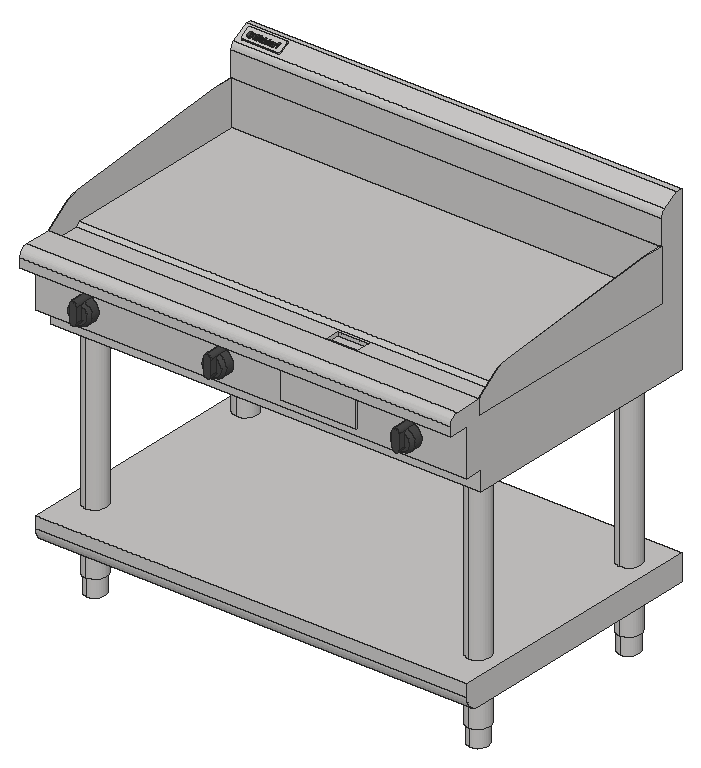
Revit family "QF_MOFFAT WALDORF_GP8120E-LS", category Specialty Equipment, Revit 2012
Parameters
  Width [instance] = 1200.0 mm  # constant formula
  Weight in Pounds = 295.4191  # constant formula
  Watts = 16200 W
  Volts = 415 V
  URL Cutsheet = "www.moffat.com"
  URL = "www.moffat.com"
  Type Mark [instance] = ""
  Status [instance] = ""
  Specification by User [instance] = ""
  Specification by Manufacturer = ""
  Show Logo [instance] = yes
  Show Casters [instance] = no
  Serial Number = ""
  Seismic Rating = ""
  SMACNA No = ""
  Revision Code [instance] = ""
  Phase = 3
  Omniclass Number and Title = ""
  Number of Poles = 1
  NAFEM Spec ID Number = ""
  Model = "GP8120E-LS"
  Min Ckt Ampacity = 0 A
  Max Overcurrent Protection = 0 A
  Masterspec = ""
  Manufacturer = "MOFFAT WALDORF"
  Legs [instance] = not(Show Casters)  # yes
  Item Number [instance] = ""
  Installed By [instance] = ""
  Identify Quantity as Lot [instance] = yes
  Height [instance] = 530.0 mm  # constant formula
  HP = ""
  Furnished By [instance] = ""
  Foodservice Equipment Identifier [instance] = yes
  FL Amps = 22.5 A
  Elec Conn RI Height = 0.0 mm
  Elec Conn Connection Height = 0.0 mm
  Description = "GRIDDLE PLATE ELECTRIC ON LEG STAND"
  Depth [instance] = 805.0 mm  # constant formula
  Cycle = 50 Hz
  Conn Plug = ""
  Conn Conduit = yes
  CSI MasterFormat = ""
  CSI Master Format = ""
  Base Height [instance] = 150.0 mm
  Apparent Power = if(Phase = 3, Volts * FL Amps * 1.73, Volts * FL Amps)  # 16153.9 VA
Reference planes
  plane 1 "BACK": y = 0
  plane 2: z = 0
  plane 3 "LEFT": x = 0
  plane 4 "RIGHT": x = 1200
  plane 5 "FRONT": y = -805
  plane 6 "TOP": z = 1130
  plane 7 "Center Y": x = 600
  plane 8 "Center X": y = -402.5
  plane 9 "Base Height": z = 150
  plane 10: x = 65
  plane 11: x = 1134
  plane 12: z = 915
  plane 13: x = 1070
  plane 14: z = 710
Forms (mm)
  Extrusion 1, solid, material "QF_Finishes_Stainless Steel"
    sketch origin (0, 0, 0) x (0, 1, 0) y (0, 0, 1)
      loop
        line (-805, 891) -> (-805, 866) -> (-749, 866) -> (-749, 735) -> (-699, 735) -> (-699, 680) -> (0, 680) -> (0, 1130) -> (-16.5, 1130) -> (-58.709, 1105.631)
        arc (-58.709, 1105.631) -> (-66.975, 1097.365) -> (-70, 1086.074) r 22.582
        line (-70, 1086.074) -> (-70, 875) -> (-705, 875) -> (-705, 915) -> (-781, 915)
        arc (-781, 915) -> (-797.971, 907.971) -> (-805, 891) r 24
      loop
        line (0, 222.5) -> (-749, 222.5) -> (-749, 188)
        arc (-749, 188) -> (-737.87, 161.13) -> (-711, 150) r 38
        line (-711, 150) -> (0, 150) -> (0, 222.5)
    from 0 to 1200
  Extrusion 2, void
    sketch origin (0, 0, 680) x (-1, 0, 0) y (0, 1, 0)
      loop
        circle (-1070.25, -32) r 10
    from 2 to -30
  Revolve 3, solid, material "QF_Finishes_Black"
    sketch origin (150, 0, 529.873) x (0, 1, 0) y (0, 0, -1)
      loop
        line (-782, -299.5) -> (-759, -299.5) -> (-759, -272) -> (-749, -272) -> (-749, -267) -> (-793, -267) -> (-793, -293.651) -> (-782, -299.5)
      axis (-793, -267) -> (-749, -267)
    angle from 0 to 360
  Extrusion 4, solid, material "QF_Finishes_Black"
    sketch origin (288.27, 0, 530.031) x (-1, 0, 0) y (0, 0, -1)
      loop
        arc (148.269, -254.969) -> (138.269, -244.969) -> (128.269, -254.969) r 10
        line (128.269, -254.969) -> (128.269, -293.969)
        arc (128.269, -293.969) -> (138.269, -303.969) -> (148.269, -293.969) r 10
        line (148.269, -293.969) -> (148.269, -254.969)
    from 759 to 808
  Extrusion 5, solid, material "QF_Finishes_Stainless Steel"
    sketch origin (42.8, -749, 866) x (0, 0, -1) y (1, 0, 0)
      loop
        line (26.5, 640) -> (113.5, 640) -> (113.5, 850) -> (26.5, 850) -> (26.5, 640)
    from 0 to 2.5
  Extrusion 6, solid, material "QF_Finishes_Stainless Steel"
    sketch origin (42.8, -751.5, 866) x (0, 0, -1) y (1, 0, 0)
      loop
        line (33.5, 850) -> (26.5, 850) -> (26.5, 640) -> (33.5, 640) -> (33.5, 850)
    from 0 to 5
  Revolve 7, solid, material "QF_Finishes_Black"
    sketch origin (1050, 0, 529.873) x (0, 1, 0) y (0, 0, 1)
      loop
        line (-782, 299.5) -> (-793, 293.651) -> (-793, 267) -> (-749, 267) -> (-749, 272) -> (-759, 272) -> (-759, 299.5) -> (-782, 299.5)
      axis (-793, 267) -> (-749, 267)
    angle from 0 to 360
  Extrusion 8, solid, material "QF_Finishes_Black"
    sketch origin (911.73, 0, 530.031) x (1, 0, 0) y (0, 0, 1)
      loop
        line (148.269, 254.969) -> (148.269, 293.969)
        arc (148.269, 293.969) -> (138.269, 303.969) -> (128.269, 293.969) r 10
        line (128.269, 293.969) -> (128.269, 254.969)
        arc (128.269, 254.969) -> (138.269, 244.969) -> (148.269, 254.969) r 10
    from 759 to 808
  Revolve 9, solid, material "QF_Finishes_Black"
    sketch origin (525, 0, 529.873) x (0, 1, 0) y (0, 0, -1)
      loop
        line (-782, -299.5) -> (-759, -299.5) -> (-759, -272) -> (-749, -272) -> (-749, -267) -> (-793, -267) -> (-793, -293.651) -> (-782, -299.5)
      axis (-793, -267) -> (-749, -267)
    angle from 0 to 360
  Extrusion 10, solid, material "QF_Finishes_Black"
    sketch origin (663.27, 0, 530.031) x (-1, 0, 0) y (0, 0, -1)
      loop
        arc (148.269, -254.969) -> (138.269, -244.969) -> (128.269, -254.969) r 10
        line (128.269, -254.969) -> (128.269, -293.969)
        arc (128.269, -293.969) -> (138.269, -303.969) -> (148.269, -293.969) r 10
        line (148.269, -293.969) -> (148.269, -254.969)
    from 759 to 808
  Revolve 11, solid, material "QF_Finishes_Stainless Steel", visible <- "Legs"
    sketch origin (1133, -210, 0) x (0, 1, 0) y (0, 0, -1)
      loop
        line (78.25, -150) -> (110, -150) -> (110, 0) -> (82.5, 0) -> (82.5, -50) -> (78.25, -50) -> (78.25, -150)
      axis (110, -150) -> (110, 0)
    angle from 0 to 360
  Revolve 12, solid, material "QF_Finishes_Stainless Steel"
    sketch origin (1133, -735, 0) x (0, 1, 0) y (0, 0, -1)
      loop
        line (78.25, -150) -> (110, -150) -> (110, 0) -> (82.5, 0) -> (82.5, -50) -> (78.25, -50) -> (78.25, -150)
      axis (110, -150) -> (110, 0)
    angle from 0 to 360
  Revolve 13, solid, material "QF_Finishes_Stainless Steel", visible <- "Legs"
    sketch origin (65, -210, 0) x (0, 1, 0) y (0, 0, -1)
      loop
        line (78.25, -150) -> (110, -150) -> (110, 0) -> (82.5, 0) -> (82.5, -50) -> (78.25, -50) -> (78.25, -150)
      axis (110, -150) -> (110, 0)
    angle from 0 to 360
  Revolve 14, solid, material "QF_Finishes_Stainless Steel"
    sketch origin (65, -735, 0) x (0, 1, 0) y (0, 0, -1)
      loop
        line (78.25, -150) -> (110, -150) -> (110, 0) -> (82.5, 0) -> (82.5, -50) -> (78.25, -50) -> (78.25, -150)
      axis (110, -150) -> (110, 0)
    angle from 0 to 360
  Extrusion 15, solid, material "QF_Finishes_Stainless Steel"
    sketch origin (0, -699, 222.5) x (0, -1, 0) y (1, 0, 0)
      loop
        circle (-599, 65) r 31.75
      loop
        circle (-74, 65) r 31.75
      loop
        circle (-599, 1133.125) r 31.75
      loop
        circle (-74, 1132.812) r 31.75
    from 0 to 457.5
Cuts and joins
  Extrusion 2 cuts Extrusion 1
Lines and regions (mm)
  Split face 1
    outline origin (49.063, -19.748, 1128.125) x (0, -0.866025, -0.5) y (1, 0, 0)
      loop
        line (1.427, 105.5) -> (35.836, 105.5) -> (35.836, 125.5) -> (1.427, 125.5) -> (1.427, 105.5)
  Split face 2
    outline origin (99.063, -19.748, 1128.125) x (0, -0.866025, -0.5) y (1, 0, 0)
      loop
        line (1.427, 105.5) -> (35.836, 105.5) -> (35.836, 125.5) -> (1.427, 125.5) -> (1.427, 105.5)
  Split face 3
    outline origin (149.062, -19.748, 1128.125) x (0, -0.866025, -0.5) y (1, 0, 0)
      loop
        line (1.427, 105.5) -> (35.836, 105.5) -> (35.836, 125.5) -> (1.427, 125.5) -> (1.427, 105.5)
  Split face 4
    outline origin (199.063, -19.748, 1128.125) x (0, -0.866025, -0.5) y (1, 0, 0)
      loop
        line (1.427, 105.5) -> (35.836, 105.5) -> (35.836, 125.5) -> (1.427, 125.5) -> (1.427, 105.5)
  Split face 5
    outline origin (249.063, -19.748, 1128.125) x (0, -0.866025, -0.5) y (1, 0, 0)
      loop
        line (1.427, 105.5) -> (35.836, 105.5) -> (35.836, 125.5) -> (1.427, 125.5) -> (1.427, 105.5)
  Split face 6
    outline origin (299.063, -19.748, 1128.125) x (0, -0.866025, -0.5) y (1, 0, 0)
      loop
        line (1.427, 105.5) -> (35.836, 105.5) -> (35.836, 125.5) -> (1.427, 125.5) -> (1.427, 105.5)
  Split face 7
    outline origin (51.563, -19.748, 1128.125) x (0, -0.866025, -0.5) y (1, 0, 0)
      loop
        line (1.427, 405.5) -> (35.836, 405.5) -> (35.836, 425.5) -> (1.427, 425.5) -> (1.427, 405.5)
  Split face 8
    outline origin (101.562, -19.748, 1128.125) x (0, -0.866025, -0.5) y (1, 0, 0)
      loop
        line (1.427, 405.5) -> (35.836, 405.5) -> (35.836, 425.5) -> (1.427, 425.5) -> (1.427, 405.5)
  Split face 9
    outline origin (151.562, -19.748, 1128.125) x (0, -0.866025, -0.5) y (1, 0, 0)
      loop
        line (1.427, 405.5) -> (35.836, 405.5) -> (35.836, 425.5) -> (1.427, 425.5) -> (1.427, 405.5)
  Split face 10
    outline origin (201.562, -19.748, 1128.125) x (0, -0.866025, -0.5) y (1, 0, 0)
      loop
        line (1.427, 405.5) -> (35.836, 405.5) -> (35.836, 425.5) -> (1.427, 425.5) -> (1.427, 405.5)
  Split face 11
    outline origin (251.562, -19.748, 1128.125) x (0, -0.866025, -0.5) y (1, 0, 0)
      loop
        line (1.427, 405.5) -> (35.836, 405.5) -> (35.836, 425.5) -> (1.427, 425.5) -> (1.427, 405.5)
  Split face 12
    outline origin (301.562, -19.748, 1128.125) x (0, -0.866025, -0.5) y (1, 0, 0)
      loop
        line (1.427, 405.5) -> (35.836, 405.5) -> (35.836, 425.5) -> (1.427, 425.5) -> (1.427, 405.5)
  Split face 13
    outline origin (351.562, -19.748, 1128.125) x (0, -0.866025, -0.5) y (1, 0, 0)
      loop
        line (1.427, 405.5) -> (35.836, 405.5) -> (35.836, 425.5) -> (1.427, 425.5) -> (1.427, 405.5)
  Split face 14
    outline origin (402.31, -19.748, 1128.125) x (0, -0.866025, -0.5) y (1, 0, 0)
      loop
        line (1.427, 405.5) -> (35.836, 405.5) -> (35.836, 425.5) -> (1.427, 425.5) -> (1.427, 405.5)
  Split face 15
    outline origin (452.31, -19.748, 1128.125) x (0, -0.866025, -0.5) y (1, 0, 0)
      loop
        line (1.427, 405.5) -> (35.836, 405.5) -> (35.836, 425.5) -> (1.427, 425.5) -> (1.427, 405.5)
  symbolic lines, visible <- "Show Logo"
    curve 1: line (12.5, -52.06, 0) -> (12.5, -21.099, 0)
    curve 2: line (121.5, -21.099, 0) -> (121.5, -52.06, 0)
    curve 3: line (12.5, -21.099, 0) -> (121.5, -21.099, 0)
    curve 4: line (12.5, -52.06, 0) -> (121.5, -52.06, 0)
  symbolic lines
    curve 5: line (154.563, -50.782, 0) -> (154.563, -20.984, 0)
    curve 6: line (154.563, -20.984, 0) -> (174.562, -20.984, 0)
    curve 7: line (174.562, -20.984, 0) -> (174.562, -50.782, 0)
    curve 8: line (174.562, -50.782, 0) -> (154.563, -50.782, 0)
    curve 9: line (204.563, -20.984, 0) -> (204.563, -50.782, 0)
    curve 10: line (204.563, -50.782, 0) -> (224.562, -50.782, 0)
    curve 11: line (224.562, -50.782, 0) -> (224.562, -20.984, 0)
    curve 12: line (224.562, -20.984, 0) -> (204.563, -20.984, 0)
    curve 13: line (254.563, -20.984, 0) -> (254.563, -50.782, 0)
    curve 14: line (254.563, -50.782, 0) -> (274.562, -50.782, 0)
    curve 15: line (274.562, -50.782, 0) -> (274.562, -20.984, 0)
    curve 16: line (274.562, -20.984, 0) -> (254.563, -20.984, 0)
    curve 17: line (0, -805, 0) -> (1200, -805, 0)
    curve 18: line (0, 0, 0) -> (0, -805, 0)
    curve 19: line (1200, 0, 0) -> (0, 0, 0)
    curve 20: line (0, -70, 0) -> (1200, -70, 0)
    curve 21: line (1200, -705, 0) -> (0, -705, 0)
    curve 22: line (304.563, -20.984, 0) -> (304.563, -50.782, 0)
    curve 23: line (304.563, -50.782, 0) -> (324.562, -50.782, 0)
    curve 24: line (324.562, -50.782, 0) -> (324.562, -20.984, 0)
    curve 25: line (324.562, -20.984, 0) -> (304.563, -20.984, 0)
    curve 26: line (354.563, -20.984, 0) -> (354.563, -50.782, 0)
    curve 27: line (354.563, -50.782, 0) -> (374.562, -50.782, 0)
    curve 28: line (374.562, -50.782, 0) -> (374.562, -20.984, 0)
    curve 29: line (374.562, -20.984, 0) -> (354.563, -20.984, 0)
    curve 30: line (404.563, -20.984, 0) -> (404.563, -50.782, 0)
    curve 31: line (404.563, -50.782, 0) -> (424.562, -50.782, 0)
    curve 32: line (424.562, -50.782, 0) -> (424.562, -20.984, 0)
    curve 33: line (424.562, -20.984, 0) -> (404.563, -20.984, 0)
    curve 34: line (457.063, -20.984, 0) -> (457.063, -50.782, 0)
    curve 35: line (457.063, -50.782, 0) -> (477.063, -50.782, 0)
    curve 36: line (477.063, -50.782, 0) -> (477.063, -20.984, 0)
    curve 37: line (477.063, -20.984, 0) -> (457.063, -20.984, 0)
    curve 38: line (507.063, -20.984, 0) -> (507.063, -50.782, 0)
    curve 39: line (507.063, -50.782, 0) -> (527.063, -50.782, 0)
    curve 40: line (527.063, -50.782, 0) -> (527.063, -20.984, 0)
    curve 41: line (527.063, -20.984, 0) -> (507.063, -20.984, 0)
    curve 42: line (557.063, -50.782, 0) -> (577.063, -50.782, 0)
    curve 43: line (577.063, -50.782, 0) -> (577.063, -20.984, 0)
    curve 44: line (577.063, -20.984, 0) -> (557.063, -20.984, 0)
    curve 45: line (557.063, -20.984, 0) -> (557.063, -50.782, 0)
    curve 46: line (607.063, -50.782, 0) -> (627.063, -50.782, 0)
    curve 47: line (627.063, -50.782, 0) -> (627.063, -20.984, 0)
    curve 48: line (627.063, -20.984, 0) -> (607.063, -20.984, 0)
    curve 49: line (607.063, -20.984, 0) -> (607.063, -50.782, 0)
    curve 50: line (677.063, -50.782, 0) -> (657.063, -50.782, 0)
    curve 51: line (657.063, -50.782, 0) -> (657.063, -20.984, 0)
    curve 52: line (657.063, -20.984, 0) -> (677.063, -20.984, 0)
    curve 53: line (677.063, -20.984, 0) -> (677.063, -50.782, 0)
    curve 54: line (707.063, -50.782, 0) -> (727.063, -50.782, 0)
    curve 55: line (727.063, -50.782, 0) -> (727.063, -20.984, 0)
    curve 56: line (727.063, -20.984, 0) -> (707.063, -20.984, 0)
    curve 57: line (707.063, -20.984, 0) -> (707.063, -50.782, 0)
    curve 58: line (757.063, -50.782, 0) -> (777.063, -50.782, 0)
    curve 59: line (777.063, -50.782, 0) -> (777.063, -20.984, 0)
    curve 60: line (777.063, -20.984, 0) -> (757.063, -20.984, 0)
    curve 61: line (757.063, -20.984, 0) -> (757.063, -50.782, 0)
    curve 62: line (807.81, -50.782, 0) -> (827.81, -50.782, 0)
    curve 63: line (827.81, -50.782, 0) -> (827.81, -20.984, 0)
    curve 64: line (827.81, -20.984, 0) -> (807.81, -20.984, 0)
    curve 65: line (807.81, -20.984, 0) -> (807.81, -50.782, 0)
    curve 66: line (857.81, -50.782, 0) -> (877.81, -50.782, 0)
    curve 67: line (877.81, -50.782, 0) -> (877.81, -20.984, 0)
    curve 68: line (877.81, -20.984, 0) -> (857.81, -20.984, 0)
    curve 69: line (857.81, -20.984, 0) -> (857.81, -50.782, 0)
    curve 70: line (1200, -805, 0) -> (1200, 0, 0)
Dimensions and locks
  equal spacing: plane 3 "LEFT", plane 7 "Center Y", plane 4 "RIGHT"
  "Width": plane 3 "LEFT" to plane 4 "RIGHT"
  equal spacing: plane 5 "FRONT", plane 8 "Center X", plane 1 "BACK"
  "Depth": plane 5 "FRONT" to plane 1 "BACK"
  "Base Height": plane 9 "Base Height" to level
  plane 6 "TOP" to level = 1130.0 mm
  plane 11 to plane 10 = 1069.0 mm
  plane 12 to level = 915.0 mm
  plane 13 to plane 4 "RIGHT" = 130.0 mm
  plane 14 to level = 710.0 mm
  aligned and locked: level to plane 2
Automatic sketch dimensions
  curve 17 to plane 3 "LEFT" = 0.0 mm
  plane 1 "BACK" to curve 19 = 0.0 mm
  curve 19 to plane 4 "RIGHT" = 0.0 mm
  plane 5 "FRONT" to curve 17 = 0.0 mm
  plane 3 "LEFT" to curve 1 = 12.5 mm
  plane 10 to curve 4 = 56.5 mm
  curve 2 to curve 6 = 33.062 mm
  curve 5 to curve 8 = 20.0 mm
  curve 6 to curve 12 = 30.0 mm
  curve 9 to curve 10 = 20.0 mm
  curve 11 to curve 16 = 30.0 mm
  curve 13 to curve 15 = 20.0 mm
  curve 15 to curve 22 = 30.0 mm
  curve 22 to curve 24 = 20.0 mm
  curve 23 to curve 26 = 30.0 mm
  curve 26 to curve 27 = 20.0 mm
  curve 27 to curve 30 = 30.0 mm
  curve 30 to curve 32 = 20.0 mm
  curve 31 to curve 34 = 32.5 mm
  curve 34 to curve 35 = 20.0 mm
  curve 36 to curve 38 = 30.0 mm
  curve 38 to curve 41 = 20.0 mm
  curve 39 to curve 42 = 30.0 mm
  curve 44 to curve 43 = 20.0 mm
  plane 7 "Center Y" to curve 48 = 7.063 mm
  curve 46 to curve 46 = 20.0 mm
  curve 47 to curve 52 = 30.0 mm
  curve 51 to curve 53 = 20.0 mm
  curve 50 to curve 54 = 30.0 mm
  curve 56 to curve 56 = 20.0 mm
  curve 55 to curve 61 = 30.0 mm
  curve 58 to curve 58 = 20.0 mm
  curve 58 to curve 62 = 30.748 mm
  curve 62 to curve 62 = 20.0 mm
  curve 63 to curve 68 = 30.0 mm
  curve 66 to curve 66 = 20.0 mm
  curve 21 to plane 5 "FRONT" = 100.0 mm
  curve 20 to curve 19 = 70.0 mm
  plane 1 "BACK" to curve 2 = 52.06 mm
  plane 1 "BACK" to curve 7 = 50.782 mm
  plane 1 "BACK" to curve 59 = 50.782 mm
  curve 7 to curve 9 = 0.0 mm
  curve 57 to curve 58 = 0.0 mm
  curve 10 to curve 13 = 0.0 mm
  curve 53 to curve 54 = 0.0 mm
  curve 58 to curve 62 = 0.0 mm
  curve 62 to curve 66 = 0.0 mm
  curve 49 to curve 50 = 0.0 mm
  curve 14 to curve 22 = 0.0 mm
  curve 45 to curve 46 = 0.0 mm
  curve 23 to curve 26 = 0.0 mm
  curve 40 to curve 42 = 0.0 mm
  curve 27 to curve 30 = 0.0 mm
  curve 36 to curve 38 = 0.0 mm
  plane 1 "BACK" to curve 2 = 21.099 mm
  plane 1 "BACK" to curve 33 = 20.984 mm
  plane 1 "BACK" to curve 40 = 20.984 mm
  plane 1 "BACK" to curve 29 = 20.984 mm
  plane 1 "BACK" to curve 43 = 20.984 mm
  plane 1 "BACK" to curve 25 = 20.984 mm
  plane 1 "BACK" to curve 47 = 20.984 mm
  plane 1 "BACK" to curve 69 = 20.984 mm
  plane 1 "BACK" to curve 52 = 20.984 mm
  plane 1 "BACK" to curve 16 = 20.984 mm
  plane 1 "BACK" to curve 55 = 20.984 mm
  plane 1 "BACK" to curve 12 = 20.984 mm
  plane 1 "BACK" to curve 59 = 20.984 mm
  plane 1 "BACK" to curve 7 = 20.984 mm
  plane 1 "BACK" to curve 63 = 20.984 mm
  plane 1 "BACK" to curve 37 = 20.984 mm
  Revolve 3 sketch curve to plane 5 "FRONT" = 12.0 mm
  Revolve 3 sketch curve to Revolve 3 sketch curve = 0.0 mm  (x2)
  Revolve 3 sketch curve to Revolve 3 sketch curve = 11.0 mm
  Revolve 3 sketch curve to Revolve 3 sketch curve = 12.7 mm
  Revolve 3 sketch curve to Revolve 3 sketch curve = 23.0 mm
  Revolve 3 sketch curve to Revolve 3 sketch curve = 10.0 mm
  Revolve 3 sketch curve to plane 6 "TOP" = 300.627 mm
  Revolve 3 sketch curve to Revolve 3 sketch curve = 5.849 mm
  Revolve 3 sketch curve to Revolve 3 sketch curve = 27.5 mm
  Revolve 3 sketch curve to Revolve 3 sketch curve = 5.0 mm
  plane 10 to Extrusion 4 sketch curve = 95.001 mm
  Extrusion 4 sketch curve to Extrusion 4 sketch curve = 10.0 mm
  Extrusion 4 sketch curve to plane 6 "TOP" = 306.0 mm
  Extrusion 4 sketch curve to Extrusion 4 sketch curve = 39.0 mm
  Extrusion 1 to Split face 1 sketch curve = 5.177 mm
  Split face 1 sketch curve to Extrusion 1 = 9.153 mm
  Split face 1 sketch curve to Extrusion 1 = 154.563 mm
  Split face 1 sketch curve to Split face 1 sketch curve = 20.0 mm
  Extrusion 1 to Split face 2 sketch curve = 5.177 mm
  Split face 2 sketch curve to Extrusion 1 = 9.153 mm
  Split face 2 sketch curve to Extrusion 1 = 204.563 mm
  Split face 2 sketch curve to Split face 2 sketch curve = 20.0 mm
  Extrusion 1 to Split face 3 sketch curve = 5.177 mm
  Split face 3 sketch curve to Extrusion 1 = 9.153 mm
  Split face 3 sketch curve to Extrusion 1 = 254.563 mm
  Split face 3 sketch curve to Split face 3 sketch curve = 20.0 mm
  Extrusion 1 to Extrusion 5 sketch curve = 26.5 mm
  Extrusion 5 sketch curve to Extrusion 1 = 17.5 mm
  Extrusion 1 to Extrusion 5 sketch curve = 517.2 mm
  Extrusion 5 sketch curve to Extrusion 5 sketch curve = 210.0 mm
  Extrusion 6 sketch curve to Extrusion 5 = 0.0 mm  (x2)
  Extrusion 5 to Extrusion 6 sketch curve = 0.0 mm
  Extrusion 6 sketch curve to Extrusion 6 sketch curve = 7.0 mm
  Extrusion 1 to Split face 4 sketch curve = 5.177 mm
  Split face 4 sketch curve to Extrusion 1 = 9.153 mm
  Split face 4 sketch curve to Extrusion 1 = 304.563 mm
  Split face 4 sketch curve to Split face 4 sketch curve = 20.0 mm
  Extrusion 1 to Split face 5 sketch curve = 5.177 mm
  Split face 5 sketch curve to Extrusion 1 = 9.153 mm
  Split face 5 sketch curve to Extrusion 1 = 354.563 mm
  Split face 5 sketch curve to Split face 5 sketch curve = 20.0 mm
  Extrusion 1 to Split face 6 sketch curve = 5.177 mm
  Split face 6 sketch curve to Extrusion 1 = 9.153 mm
  Split face 6 sketch curve to Extrusion 1 = 404.563 mm
  Split face 6 sketch curve to Split face 6 sketch curve = 20.0 mm
  Extrusion 1 to Split face 7 sketch curve = 5.177 mm
  Split face 7 sketch curve to Extrusion 1 = 9.153 mm
  Split face 7 sketch curve to Extrusion 1 = 457.063 mm
  Split face 7 sketch curve to Split face 7 sketch curve = 20.0 mm
  Extrusion 1 to Split face 8 sketch curve = 5.177 mm
  Split face 8 sketch curve to Extrusion 1 = 9.153 mm
  Split face 8 sketch curve to Extrusion 1 = 507.063 mm
  Split face 8 sketch curve to Split face 8 sketch curve = 20.0 mm
  Extrusion 1 to Split face 9 sketch curve = 5.177 mm
  Split face 9 sketch curve to Extrusion 1 = 9.153 mm
  Split face 9 sketch curve to Extrusion 1 = 557.063 mm
  Split face 9 sketch curve to Split face 9 sketch curve = 20.0 mm
  Extrusion 1 to Split face 10 sketch curve = 5.177 mm
  Split face 10 sketch curve to Extrusion 1 = 9.153 mm
  Split face 10 sketch curve to Extrusion 1 = 592.937 mm
  Split face 10 sketch curve to Split face 10 sketch curve = 20.0 mm
  Extrusion 1 to Split face 11 sketch curve = 5.177 mm
  Split face 11 sketch curve to Extrusion 1 = 9.153 mm
  Split face 11 sketch curve to Extrusion 1 = 542.937 mm
  Split face 11 sketch curve to Split face 11 sketch curve = 20.0 mm
  Revolve 7 sketch curve to plane 5 "FRONT" = 12.0 mm
  Revolve 7 sketch curve to Revolve 7 sketch curve = 0.0 mm  (x2)
  Revolve 7 sketch curve to Revolve 7 sketch curve = 11.0 mm
  Revolve 7 sketch curve to Revolve 7 sketch curve = 12.7 mm
  Revolve 7 sketch curve to Revolve 7 sketch curve = 23.0 mm
  Revolve 7 sketch curve to Revolve 7 sketch curve = 10.0 mm
  Revolve 7 sketch curve to plane 6 "TOP" = 333.127 mm
  Revolve 7 sketch curve to Revolve 7 sketch curve = 5.0 mm
  Revolve 7 sketch curve to Revolve 7 sketch curve = 26.651 mm
  Revolve 7 sketch curve to Revolve 7 sketch curve = 5.849 mm
  plane 11 to Extrusion 8 sketch curve = 94.001 mm
  Extrusion 8 sketch curve to Extrusion 8 sketch curve = 10.0 mm
  Extrusion 8 sketch curve to plane 6 "TOP" = 345.0 mm
  Extrusion 8 sketch curve to Extrusion 8 sketch curve = 39.0 mm
  Revolve 9 sketch curve to plane 5 "FRONT" = 12.0 mm
  Revolve 9 sketch curve to Revolve 9 sketch curve = 0.0 mm  (x2)
  Revolve 9 sketch curve to Revolve 9 sketch curve = 11.0 mm
  Revolve 9 sketch curve to Revolve 9 sketch curve = 12.7 mm
  Revolve 9 sketch curve to Revolve 9 sketch curve = 23.0 mm
  Revolve 9 sketch curve to Revolve 9 sketch curve = 10.0 mm
  Revolve 9 sketch curve to plane 6 "TOP" = 300.627 mm
  Revolve 9 sketch curve to Revolve 9 sketch curve = 5.849 mm
  Revolve 9 sketch curve to Revolve 9 sketch curve = 27.5 mm
  Revolve 9 sketch curve to Revolve 9 sketch curve = 5.0 mm
  Extrusion 10 sketch curve to plane 7 "Center Y" = 64.999 mm
  Extrusion 10 sketch curve to Extrusion 10 sketch curve = 10.0 mm
  Extrusion 10 sketch curve to plane 6 "TOP" = 306.0 mm
  Extrusion 10 sketch curve to Extrusion 10 sketch curve = 39.0 mm
  Extrusion 1 to Split face 12 sketch curve = 5.177 mm
  Split face 12 sketch curve to Extrusion 1 = 9.153 mm
  Split face 12 sketch curve to Extrusion 1 = 492.937 mm
  Split face 12 sketch curve to Split face 12 sketch curve = 20.0 mm
  Extrusion 1 to Split face 13 sketch curve = 5.177 mm
  Split face 13 sketch curve to Extrusion 1 = 9.153 mm
  Split face 13 sketch curve to Extrusion 1 = 442.937 mm
  Split face 13 sketch curve to Split face 13 sketch curve = 20.0 mm
  Extrusion 1 to Split face 14 sketch curve = 5.177 mm
  Split face 14 sketch curve to Extrusion 1 = 9.153 mm
  Split face 14 sketch curve to Extrusion 1 = 392.19 mm
  Split face 14 sketch curve to Split face 14 sketch curve = 20.0 mm
  Extrusion 1 to Split face 15 sketch curve = 5.177 mm
  Split face 15 sketch curve to Extrusion 1 = 9.153 mm
  Split face 15 sketch curve to Extrusion 1 = 342.19 mm
  Split face 15 sketch curve to Split face 15 sketch curve = 20.0 mm
  Extrusion 1 sketch curve to plane 12 = 0.0 mm
  Extrusion 1 sketch curve to plane 1 "BACK" = 0.0 mm  (x2)
  Extrusion 1 sketch curve to plane 5 "FRONT" = 24.0 mm
  Extrusion 1 sketch curve to plane 5 "FRONT" = 56.0 mm  (x2)
  Extrusion 1 sketch curve to Extrusion 1 sketch curve = 44.0 mm
  plane 1 "BACK" to Extrusion 1 sketch curve = 70.0 mm
  Extrusion 1 sketch curve to Extrusion 1 sketch curve = 11.291 mm  (x2)
  Extrusion 1 sketch curve to Extrusion 1 sketch curve = 16.5 mm
  Extrusion 1 sketch curve to plane 12 = 40.0 mm
  Extrusion 1 sketch curve to Extrusion 1 sketch curve = 25.0 mm
  Extrusion 1 sketch curve to Extrusion 1 sketch curve = 131.0 mm
  plane 12 to Extrusion 1 sketch curve = 171.074 mm
  Extrusion 1 sketch curve to Extrusion 1 sketch curve = 24.369 mm
  Extrusion 1 sketch curve to plane 9 "Base Height" = 0.0 mm
  Extrusion 1 sketch curve to Extrusion 1 sketch curve = 38.0 mm
  plane 9 "Base Height" to Extrusion 1 sketch curve = 72.5 mm
  Extrusion 1 sketch curve to Extrusion 1 sketch curve = 50.0 mm
  Extrusion 1 sketch curve to Extrusion 1 sketch curve = 195.0 mm
  Extrusion 1 sketch curve to plane 5 "FRONT" = 0.0 mm
  Revolve 11 sketch curve to plane 9 "Base Height" = 0.0 mm
  Revolve 11 sketch curve to level = 0.0 mm
  level to Revolve 11 sketch curve = 50.0 mm
  plane 1 "BACK" to Revolve 11 sketch curve = 131.75 mm
  Revolve 11 sketch curve to Revolve 11 sketch curve = 4.25 mm
  Revolve 11 sketch curve to Revolve 11 sketch curve = 27.5 mm  (x2)
  Revolve 11 sketch curve to Revolve 11 sketch curve = 0.0 mm
  Revolve 11 sketch curve to Revolve 11 sketch curve = 55.0 mm
  Revolve 12 sketch curve to plane 9 "Base Height" = 0.0 mm
  Revolve 12 sketch curve to level = 0.0 mm
  level to Revolve 12 sketch curve = 50.0 mm
  Revolve 12 sketch curve to plane 5 "FRONT" = 148.25 mm
  Revolve 12 sketch curve to Revolve 12 sketch curve = 4.25 mm
  Revolve 12 sketch curve to Revolve 12 sketch curve = 27.5 mm  (x2)
  Revolve 12 sketch curve to Revolve 12 sketch curve = 0.0 mm
  Revolve 12 sketch curve to Revolve 12 sketch curve = 55.0 mm
  Revolve 13 sketch curve to plane 9 "Base Height" = 0.0 mm
  Revolve 13 sketch curve to level = 0.0 mm
  level to Revolve 13 sketch curve = 50.0 mm
  plane 1 "BACK" to Revolve 13 sketch curve = 131.75 mm
  Revolve 13 sketch curve to Revolve 13 sketch curve = 4.25 mm
  Revolve 13 sketch curve to Revolve 13 sketch curve = 27.5 mm  (x2)
  Revolve 13 sketch curve to Revolve 13 sketch curve = 0.0 mm
  Revolve 13 sketch curve to Revolve 13 sketch curve = 55.0 mm
  Revolve 14 sketch curve to plane 9 "Base Height" = 0.0 mm
  Revolve 14 sketch curve to level = 0.0 mm
  level to Revolve 14 sketch curve = 50.0 mm
  Revolve 14 sketch curve to plane 5 "FRONT" = 148.25 mm
  Revolve 14 sketch curve to Revolve 14 sketch curve = 4.25 mm
  Revolve 14 sketch curve to Revolve 14 sketch curve = 27.5 mm  (x2)
  Revolve 14 sketch curve to Revolve 14 sketch curve = 0.0 mm
  Revolve 14 sketch curve to Revolve 14 sketch curve = 55.0 mm
  Extrusion 1 to Extrusion 15 sketch curve = 100.0 mm  (x2)
  Extrusion 1 to Extrusion 15 sketch curve = 124.0 mm  (x2)
  Extrusion 1 to Extrusion 15 sketch curve = 65.0 mm  (x2)
  Extrusion 1 to Extrusion 15 sketch curve = 67.188 mm
  Extrusion 1 to Extrusion 15 sketch curve = 66.875 mm
  Extrusion 2 sketch curve to Extrusion 1 = 32.0 mm
  Extrusion 2 sketch curve to Extrusion 1 = 129.75 mm
  radius of Extrusion 15 sketch curve = 31.75 mm  (x4)
  radius of Extrusion 2 sketch curve = 10.0 mm
Nested families
  nested 1: "GAS GRIDDLE PLATE" at (0, -70, 875), type "GAS GRIDDLE PLATE"
    with Type Mark "", Status "", Specification by User "", Show Clearance yes, Revision Code "", Number of Poles 1, Mechanical Remarks "", Mechanical Connection Type "", Item Number "", Installed By "", Identify Quantity as Lot yes, Gas RI Height 0.0 mm, Gas KW 0, Gas Input 0.0 Btu/h, Furnished By "", Foodservice Equipment Identifier yes, Electrical Remarks "", Electric Connection Type "", Elec Conn RI Height 0.0 mm, Elec Conn Connection Height 0.0 mm
  nested 2: "GP8120E-LS-CASTERS" at (65, -127.5, 0), Show Casters <- "Show Casters", visible <- "Show Casters", type "GP8120E-LS-CASTERS"
    with Type Mark "", Status "", Specification by User "", Show Casters no, Revision Code "", Item Number "", Installed By "", Identify Quantity as Lot yes, Furnished By "", Foodservice Equipment Identifier yes
  nested 3: "GP8120E-LS-CASTERS" at (1134, -127.5, 0), Show Casters <- "Show Casters", visible <- "Show Casters", type "GP8120E-LS-CASTERS"
    with Type Mark "", Status "", Specification by User "", Show Casters no, Revision Code "", Item Number "", Installed By "", Identify Quantity as Lot yes, Furnished By "", Foodservice Equipment Identifier yes
  nested 4: "WALDORF LOGO_FACE BASE" at (12.239, -22.258, 1126.676) x (1, 0, 0) z (0, -0.5, 0.866), visible <- "Show Logo", type "WALDORF LOGO_FACE BASE", detail levels medium+fine
    with Show Logo yes
Connectors
  electrical at (1070.25, -32, 710), driven by "Volts", driven by "Watts"
    settings: on cut or joined group of Extrusion 1, Extrusion 2, index 1, voltage 415 V, apparent load 16200 VA, apparent load phase1 0 VA, apparent load phase2 0 VA, apparent load phase3 0 VA, power factor 1, load classification "Other", number of poles 1, system type 30, power factor state 1, is connector primary yes, connector utility no, sub classification motor no, connector description "ELECTRICAL CONNECTION"
Definition of nested family "GAS GRIDDLE PLATE"
  Parameters (values of type "GAS GRIDDLE PLATE")
    Weight in Pounds = 0
    Watts = 0 W
    Volts = 0 V
    URL Cutsheet = ""
    Type Mark [instance] = ""
    Status [instance] = ""
    Specification by User [instance] = ""
    Specification by Manufacturer = ""
    Show Clearance [instance] = yes
    Serial Number = ""
    Seismic Rating = ""
    SMACNA No = ""
    Revision Code [instance] = ""
    Phase = 1
    Omniclass Number and Title = ""
    Number of Poles [instance] = 1
    NAFEM Spec ID Number = ""
    Min Ckt Ampacity = 0 A
    Mechanical Remarks [instance] = ""
    Mechanical Connection Type [instance] = ""
    Max Overcurrent Protection = 0 A
    Masterspec = ""
    Item Number [instance] = ""
    Installed By [instance] = ""
    Identify Quantity as Lot [instance] = yes
    HP = ""
    Gas Size = 0"
    Gas RI Height [instance] = 0.0 mm
    Gas KW [instance] = 0
    Gas Input [instance] = 0.0 Btu/h
    Gas Connection Height = 0.0 mm
    Furnished By [instance] = ""
    Foodservice Equipment Identifier [instance] = yes
    FL Amps = 0 A
    Electrical Remarks [instance] = ""
    Electric Connection Type [instance] = ""
    Elec Conn RI Height [instance] = 0.0 mm
    Elec Conn Connection Height [instance] = 0.0 mm
    Cycle = 0 Hz
    Conn Plug = ""
    Conn Conduit = yes
    CSI MasterFormat = ""
    CSI Master Format = ""
    Apparent Power = if(Phase = 3, Volts * FL Amps * 1.73, Volts * FL Amps)  # 0 VA
  Reference planes
    plane 1 "BACK": y = 0
    plane 2: z = 0
    plane 3 "LEFT": x = 0
    plane 4 "RIGHT": x = 1200
    plane 5 "FRONT": y = -634.4
    plane 6 "TOP": z = 142.5
    plane 7 "Center Y": x = 600
    plane 8 "Center X": y = -317.2
  Forms (mm)
    Extrusion 1, solid, material "QF_Finishes_Stainless Steel"
      sketch origin (0, 70.003, -875) x (0, 1, 0) y (0, 0, 1)
        loop
          line (-70, 875) -> (-70, 1017.5) -> (-126.948, 1017.5) -> (-604.433, 971.523)
          arc (-604.433, 971.523) -> (-629.46, 965.803) -> (-652.206, 953.899) r 100
          line (-652.206, 953.899) -> (-704.403, 917.35) -> (-704.403, 875) -> (-70, 875)
      from 0 to 1.8
    Extrusion 2, solid, material "QF_Finishes_Stainless Steel"
      sketch origin (150, 70.003, -875) x (0, 1, 0) y (0, 0, 1)
        loop
          line (-70, 895) -> (-601, 895) -> (-611.5, 884.5) -> (-704.403, 884.5) -> (-704.403, 875) -> (-70, 875) -> (-70, 895)
      from -148.2 to 1048.2
    Extrusion 3, void
      sketch origin (450, -541.497, 9.5) x (0, -1, 0) y (1, 0, 0)
        loop
          line (10, 375.2) -> (10, 289.7) -> (48.5, 289.7) -> (48.5, 375.2) -> (10, 375.2)
      from -41.4 to 40.142
    Extrusion 4, solid, material "QF_Finishes_Stainless Steel"
      sketch origin (150, 0.003, 211.074) x (0, 0, -1) y (1, 0, 0)
        loop
          line (68.574, -148.2) -> (191.074, -148.2) -> (191.074, 1048.2) -> (68.574, 1048.2) -> (68.574, -148.2)
      from 0 to 1.683
    Extrusion 5, solid, material "QF_Finishes_Stainless Steel"
      sketch origin (1200, 70.003, -875) x (0, 1, 0) y (0, 0, -1)
        loop
          line (-70, -875) -> (-704.403, -875) -> (-704.403, -917.35) -> (-652.206, -953.899)
          arc (-652.206, -953.899) -> (-629.46, -965.803) -> (-604.433, -971.523) r 100
          line (-604.433, -971.523) -> (-126.948, -1017.5) -> (-70, -1017.5) -> (-70, -875)
      from 0 to 1.8
  Cuts and joins
    Extrusion 3 cuts Extrusion 2
  Lines and regions (mm)
    symbolic lines
      curve 1: line (1198.8, -530.997, 0) -> (1.8, -530.997, 0)
      curve 2: line (1.8, -541.497, 0) -> (1198.8, -541.497, 0)
      curve 3: line (739.7, -551.497, 0) -> (739.7, -589.997, 0)
      curve 4: line (739.7, -589.997, 0) -> (825.2, -589.997, 0)
      curve 5: line (825.2, -589.997, 0) -> (825.2, -551.497, 0)
      curve 6: line (825.2, -551.497, 0) -> (739.7, -551.497, 0)
      curve 7: line (1.8, -1.68, 0) -> (1198.8, -1.68, 0)
      curve 8: line (1198.8, -1.68, 0) -> (1198.8, -634.4, 0)
      curve 9: line (1.8, -634.4, 0) -> (1.8, -1.68, 0)
      curve 10: line (1.8, -634.4, 0) -> (1198.8, -634.4, 0)
  Dimensions and locks
    equal spacing: plane 3 "LEFT", plane 7 "Center Y", plane 4 "RIGHT"
    plane 3 "LEFT" to plane 4 "RIGHT" = 1200.0 mm
    equal spacing: plane 5 "FRONT", plane 8 "Center X", plane 1 "BACK"
    plane 5 "FRONT" to plane 1 "BACK" = 634.4 mm
    aligned and locked: level to plane 2
  Automatic sketch dimensions
    plane 5 "FRONT" to curve 10 = 0.0 mm
    plane 3 "LEFT" to curve 10 = 1.8 mm
    curve 4 to plane 5 "FRONT" = 44.403 mm
    plane 7 "Center Y" to curve 4 = 139.7 mm
    curve 3 to curve 5 = 85.5 mm
    plane 4 "RIGHT" to curve 8 = 1.2 mm
    curve 3 to curve 3 = 38.5 mm
    curve 2 to plane 5 "FRONT" = 92.903 mm
    curve 2 to curve 1 = 10.5 mm
    plane 1 "BACK" to curve 9 = 1.68 mm
    Extrusion 1 sketch curve to level = 0.0 mm
    Extrusion 1 sketch curve to plane 5 "FRONT" = 0.0 mm
    Extrusion 1 sketch curve to plane 6 "TOP" = 0.0 mm
    Extrusion 1 sketch curve to plane 5 "FRONT" = 52.197 mm
    Extrusion 1 sketch curve to Extrusion 1 sketch curve = 47.773 mm
    Extrusion 1 sketch curve to level = 3.016 mm
    Extrusion 1 sketch curve to Extrusion 1 sketch curve = 9.585 mm
    plane 1 "BACK" to Extrusion 1 sketch curve = 56.945 mm
    Extrusion 1 sketch curve to plane 1 "BACK" = 0.003 mm
    level to Extrusion 1 sketch curve = 42.35 mm
    Extrusion 1 sketch curve to plane 6 "TOP" = 63.601 mm
    Extrusion 2 sketch curve to level = 0.0 mm
    Extrusion 2 sketch curve to plane 5 "FRONT" = 0.0 mm
    level to Extrusion 2 sketch curve = 9.5 mm
    Extrusion 2 sketch curve to Extrusion 2 sketch curve = 92.903 mm
    Extrusion 2 sketch curve to Extrusion 2 sketch curve = 10.5 mm  (x2)
    Extrusion 2 sketch curve to plane 1 "BACK" = 0.003 mm
    Extrusion 2 to Extrusion 3 sketch curve = 10.0 mm
    Extrusion 3 sketch curve to Extrusion 3 sketch curve = 38.5 mm
    Extrusion 2 to Extrusion 3 sketch curve = 737.9 mm
    Extrusion 3 sketch curve to Extrusion 3 sketch curve = 85.5 mm
    Extrusion 4 sketch curve to plane 6 "TOP" = 0.0 mm
    level to Extrusion 4 sketch curve = 20.0 mm
    plane 3 "LEFT" to Extrusion 4 sketch curve = 1.8 mm
    plane 4 "RIGHT" to Extrusion 4 sketch curve = 1.8 mm
    Extrusion 5 sketch curve to level = 0.0 mm
    Extrusion 5 sketch curve to plane 5 "FRONT" = 0.0 mm
    Extrusion 5 sketch curve to plane 6 "TOP" = 0.0 mm
    Extrusion 5 sketch curve to plane 5 "FRONT" = 52.197 mm
    Extrusion 5 sketch curve to Extrusion 5 sketch curve = 47.773 mm
    Extrusion 5 sketch curve to level = 3.016 mm
    Extrusion 5 sketch curve to Extrusion 5 sketch curve = 57.358 mm
    plane 1 "BACK" to Extrusion 5 sketch curve = 56.945 mm
    Extrusion 5 sketch curve to plane 1 "BACK" = 0.003 mm
    Extrusion 5 sketch curve to plane 6 "TOP" = 45.977 mm
    level to Extrusion 5 sketch curve = 42.35 mm
Definition of nested family "WALDORF LOGO_FACE BASE"
  Parameters (values of type "WALDORF LOGO_FACE BASE")
    Show Logo [instance] = yes
    Default Elevation = 1219.2 mm
  Reference planes
    plane 1 "Center (Front/Back)": y = 0
    plane 2: z = 0
    plane 3 "Center (Left/Right)": x = 0
  Forms (mm)
    Extrusion 1, solid
      sketch origin (0, 0, 0) x (1, 0, 0) y (0, 1, 0)
        loop
          line (-1219.2, 1219.2) -> (-1219.2, -1219.2) -> (1219.2, -1219.2) -> (1219.2, 1219.2) -> (-1219.2, 1219.2)
      from 0 to -304.8
    Extrusion 2, solid, material "QF_Finishes_Stainless Steel", visible <- "Show Logo"
      sketch origin (0, -33.217, 0) x (1, 0, 0) y (0, 1, 0)
        loop
          arc (5, 34.14) -> (1.464, 32.676) -> (0, 29.14) r 5
          line (0, 29.14) -> (0, 5)
          arc (0, 5) -> (1.464, 1.464) -> (5, 0) r 5
          line (5, 0) -> (104, 0)
          arc (104, 0) -> (107.536, 1.464) -> (109, 5) r 5
          line (109, 5) -> (109, 29.14)
          arc (109, 29.14) -> (107.536, 32.676) -> (104, 34.14) r 5
          line (104, 34.14) -> (5, 34.14)
      from 0 to 1.588
    Extrusion 3, solid, material "QF_Finishes_Black", visible <- "Show Logo"
      sketch origin (0, -33.217, 1.588) x (1, 0, 0) y (0, 1, 0)
        loop
          line (24.772, 23.214) -> (27.992, 10.301) -> (31.551, 10.301) -> (33.443, 17.364) -> (35.205, 10.301) -> (39.332, 10.301) -> (42.077, 23.214) -> (38.352, 23.214) -> (36.676, 15.33) -> (35, 23.214) -> (31.752, 23.214) -> (30.076, 15.33) -> (28.4, 23.214) -> (24.772, 23.214)
        loop
          line (42.272, 17.055) -> (45.703, 17.055)
          spline (45.703, 17.055) -> (45.741, 17.285) -> (45.852, 17.499) -> (46.028, 17.682) -> (46.258, 17.823) -> (46.526, 17.912) -> (46.813, 17.942) -> (47.1, 17.912) -> (47.368, 17.823) -> (47.597, 17.682) -> (47.774, 17.499) -> (47.884, 17.285) -> (47.922, 17.055)
          line (47.922, 17.055) -> (47.922, 16.222)
          arc (47.922, 16.222) -> (45.742, 16.014) -> (43.665, 15.317) r 9.604
          arc (43.665, 15.317) -> (41.924, 12.809) -> (43.665, 10.301) r 2.677
          arc (43.665, 10.301) -> (45.527, 10.353) -> (47.332, 10.816) r 8.365
          line (47.332, 10.816) -> (48.092, 11.105) -> (48.092, 10.301) -> (51.817, 10.301) -> (51.817, 17.055)
          spline (51.817, 17.055) -> (51.654, 17.821) -> (51.178, 18.535) -> (50.419, 19.148) -> (49.431, 19.619) -> (48.28, 19.914) -> (47.044, 20.015) -> (45.809, 19.914) -> (44.658, 19.619) -> (43.67, 19.148) -> (42.911, 18.535) -> (42.434, 17.821) -> (42.272, 17.055)
        loop
          line (53.151, 23.214) -> (53.151, 10.301) -> (57.37, 10.301) -> (57.37, 23.214) -> (53.151, 23.214)
        loop
          line (64.874, 23.214) -> (64.874, 18.857)
          arc (64.874, 18.857) -> (58.083, 15.11) -> (64.874, 11.363) r 4.429
          line (64.874, 11.363) -> (64.874, 10.301) -> (68.378, 10.301) -> (68.378, 23.214) -> (64.874, 23.214)
        loop
          arc (64.874, 16.083) -> (61.41, 14.987) -> (64.874, 13.891) r 1.905
          line (64.874, 13.891) -> (64.874, 16.083)
        loop
          circle (74.623, 15.223) r 5
        loop
          spline (74.623, 17.856) -> (74.355, 17.766) -> (74.105, 17.503) -> (73.891, 17.084) -> (73.726, 16.539) -> (73.623, 15.904) -> (73.588, 15.223) -> (73.623, 14.541) -> (73.726, 13.906) -> (73.891, 13.361) -> (74.105, 12.942) -> (74.355, 12.679) -> (74.623, 12.59)
          spline (74.623, 12.59) -> (74.891, 12.679) -> (75.141, 12.942) -> (75.355, 13.361) -> (75.52, 13.906) -> (75.623, 14.541) -> (75.659, 15.223) -> (75.623, 15.904) -> (75.52, 16.539) -> (75.355, 17.084) -> (75.141, 17.503) -> (74.891, 17.766) -> (74.623, 17.856)
        loop
          line (81.255, 19.813) -> (81.255, 10.301) -> (84.834, 10.301) -> (84.834, 14.176)
          arc (84.834, 14.176) -> (85.854, 16.093) -> (88.013, 16.32) r 2.313
          line (88.013, 16.32) -> (88.013, 19.813) -> (87.161, 19.813)
          arc (87.161, 19.813) -> (85.526, 19.266) -> (84.549, 17.844) r 2.717
          line (84.549, 17.844) -> (84.549, 19.813) -> (81.255, 19.813)
        loop
          line (90.249, 19.813) -> (88.91, 19.813) -> (88.91, 17.614) -> (90.249, 17.614) -> (90.249, 10.301) -> (93.998, 10.301) -> (93.998, 17.614) -> (95.418, 17.614) -> (95.418, 19.813) -> (93.998, 19.813)
          arc (93.998, 19.813) -> (94.414, 20.817) -> (95.418, 21.233) r 1.42
          line (95.418, 21.233) -> (95.418, 23.602) -> (93.317, 23.602)
          arc (93.317, 23.602) -> (91.343, 22.903) -> (90.249, 21.118) r 3.137
          line (90.249, 21.118) -> (90.249, 19.813)
        loop
          arc (15.241, 23.571) -> (8.392, 16.525) -> (15.241, 9.479) r 7.049
          line (15.241, 9.479) -> (15.241, 23.571)
        loop
          line (15.641, 23.571) -> (15.641, 9.479)
          arc (15.641, 9.479) -> (22.49, 16.525) -> (15.641, 23.571) r 7.049
        loop
          arc (47.922, 14.711) -> (46.266, 13.749) -> (47.922, 12.787) r 1.107
          line (47.922, 12.787) -> (47.922, 14.711)
      from 0 to 0.2
  Dimensions and locks
    aligned and locked: plane 2 to Extrusion 1
    aligned and locked: level to Extrusion 1
Definition of nested family "GP8120E-LS-CASTERS"
  Parameters (values of type "BT8600-LS-CASTERS")
    Weight = ""
    URL Manufacturer = ""
    URL Cutsheet = ""
    URL = ""
    Type Mark [instance] = ""
    Status [instance] = ""
    Specification by User [instance] = ""
    Specification by Manufacturer = ""
    Show Casters [instance] = no
    Serial Number = ""
    Seismic Rating = ""
    SMACNA No = ""
    Revision Code [instance] = ""
    Omniclass Number and Title = ""
    NAFEM Spec ID Number = ""
    Model = ""
    MasterSpec. = ""
    Manufacturer = ""
    Item Number [instance] = ""
    Installed By [instance] = ""
    Identify Quantity as Lot [instance] = yes
    Furnished By [instance] = ""
    Foodservice Equipment Identifier [instance] = yes
    Description = ""
    CSI MasterFormat = ""
    CSI Master Format = ""
    Assembly Code = ""
  Reference planes
    plane 1: z = 0
    plane 2 "RIGHT": x = 0
    plane 3 "FRONT": y = 0
    plane 4 "Base Height": z = 150
  Forms (mm)
    Revolve 1, solid, material "QF_Finishes_Stainless Steel", visible <- "Show Casters"
      sketch origin (0, 56.335, 0) x (0, 1, 0) y (0, 0, 1)
        loop
          line (-56.335, 152.4) -> (-56.335, 141.118) -> (-23.798, 141.118) -> (-23.798, 152.4) -> (-56.335, 152.4)
        axis (-56.335, 141.118) -> (-56.335, 152.4)
      angle from 0 to 360
    Extrusion 2, solid, material "QF_Finishes_Stainless Steel", visible <- "Show Casters"
      sketch origin (-46.049, 56.335, 0) x (0, 1, 0) y (0, 0, 1)
        loop
          line (-85.799, 141.118) -> (-85.799, 133.498) -> (-82.136, 133.498)
          arc (-82.136, 133.498) -> (-79.344, 132.328) -> (-77.146, 130.248) r 8.432
          line (-77.146, 130.248) -> (-39.502, 49.52)
          arc (-39.502, 49.52) -> (-13.784, 46.107) -> (-5.673, 70.75) r 20.32
          arc (-5.673, 70.75) -> (-7.065, 73.611) -> (-8.887, 76.22) r 20.32
          arc (-8.887, 76.22) -> (-9.399, 85.377) -> (-6.626, 94.119) r 25.4
          line (-6.626, 94.119) -> (8.003, 121.632)
          arc (8.003, 121.632) -> (-2.347, 126.31) -> (-13.34, 129.167) r 66.802
          line (-13.34, 129.167) -> (-13.765, 133.498) -> (-26.871, 133.498) -> (-26.871, 141.118) -> (-85.799, 141.118)
      from 20.058 to 22.923
    Extrusion 3, solid, material "QF_Finishes_Stainless Steel", visible <- "Show Casters"
      sketch origin (3.326, 56.335, 0) x (0, 1, 0) y (0, 0, 1)
        loop
          line (-85.799, 141.118) -> (-85.799, 133.498) -> (-82.136, 133.498)
          arc (-82.136, 133.498) -> (-79.344, 132.328) -> (-77.146, 130.248) r 8.432
          line (-77.146, 130.248) -> (-39.502, 49.52)
          arc (-39.502, 49.52) -> (-13.784, 46.107) -> (-5.673, 70.75) r 20.32
          arc (-5.673, 70.75) -> (-7.065, 73.611) -> (-8.887, 76.22) r 20.32
          arc (-8.887, 76.22) -> (-9.399, 85.377) -> (-6.626, 94.119) r 25.4
          line (-6.626, 94.119) -> (8.003, 121.632)
          arc (8.003, 121.632) -> (-2.347, 126.31) -> (-13.34, 129.167) r 66.802
          line (-13.34, 129.167) -> (-13.765, 133.498) -> (-26.871, 133.498) -> (-26.871, 141.118) -> (-85.799, 141.118)
      from 20.058 to 22.923
    Extrusion 4, solid, material "QF_Finishes_Stainless Steel", visible <- "Show Casters"
      sketch origin (-49.224, 56.335, 0) x (0, 1, 0) y (0, 0, 1)
        loop
          line (-85.799, 141.118) -> (-85.799, 133.498) -> (-82.136, 133.498) -> (-18.877, 127.964) -> (7.14, 120.01) -> (8.003, 121.632)
          arc (8.003, 121.632) -> (-2.347, 126.31) -> (-13.34, 129.167) r 66.802
          line (-13.34, 129.167) -> (-13.765, 133.498) -> (-26.871, 133.498) -> (-26.871, 141.118) -> (-85.799, 141.118)
      from 26.098 to 72.56
    Revolve 5, solid, material "QF_Finishes_Stainless Steel", visible <- "Show Casters"
      sketch origin (-49.224, 30.821, 0) x (1, 0, 0) y (0, 0, 1)
        loop
          line (14.841, 63.604) -> (83.584, 63.604) -> (83.584, 67.109) -> (82.314, 68.379) -> (80.79, 68.379) -> (80.79, 71.826) -> (68.644, 71.826) -> (68.644, 81.79) -> (65.088, 83.843) -> (61.683, 104.879) -> (65.881, 104.879) -> (65.881, 111.229) -> (65.088, 111.229) -> (65.088, 117.579)
          arc (65.088, 117.579) -> (62.298, 124.314) -> (55.563, 127.104) r 9.525
          line (55.563, 127.104) -> (42.863, 127.104)
          arc (42.863, 127.104) -> (36.127, 124.314) -> (33.338, 117.579) r 9.525
          line (33.338, 117.579) -> (33.338, 111.229) -> (32.544, 111.229) -> (32.544, 104.879) -> (36.742, 104.879) -> (33.352, 83.932) -> (29.782, 81.871) -> (29.782, 71.826) -> (17.635, 71.826) -> (17.635, 68.379) -> (16.111, 68.379) -> (14.841, 67.109) -> (14.841, 63.604)
        axis (14.841, 63.604) -> (83.584, 63.604)
      angle from 0 to 360
  Cuts and joins
    joined: Extrusion 2, Extrusion 3, Extrusion 4
  Lines and regions (mm)
    symbolic lines, style "SpecialityEquipmentHiddenLines", visible <- "Show Casters"
      curve 1: line (18.009, 67.053, 0) -> (45.595, 51.127, 0)
      curve 2: line (-45.491, -42.932, 0) -> (18.009, 67.053, 0)
      curve 3: line (-17.905, -58.859, 0) -> (-45.491, -42.932, 0)
      curve 4: line (45.595, 51.127, 0) -> (-17.905, -58.859, 0)
  Dimensions and locks
    plane 4 "Base Height" to level = 150.0 mm  (x2)
    Revolve 5 sketch curve to Revolve 5 sketch curve = 63.5 mm
    aligned and locked: level to plane 1
